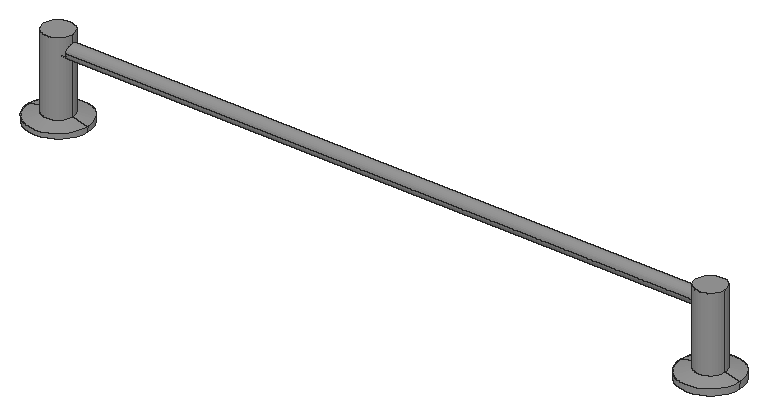
Revit family "MONAT Toallero barra BC7072400", category Generic Models, host Face, Revit 2014
Parameters
  MODELO = "MONAT"
  MARCA = "WASSER"
  EMPRESA = "CHC COMERCIAL HISPANO CHILENA"
  Default Elevation = 1219.2 mm
  DIMENSIONES = ""
  CÓDIGO = "BC7072400"
  ACCESORIO = "TOALLERO BARRA"
Reference planes
  plane 1 "Center (Front/Back)": y = 0
  plane 2: z = 0
  plane 3 "Center (Left/Right)": x = 0
  plane 4: z = 70
  plane 5: z = 5
  plane 6: x = 550
Forms (mm)
  Extrusion 1, solid, material "Steel, Galvanized"
    sketch origin (0, 0, 0) x (1, 0, 0) y (0, 1, 0)
      loop
        circle (0, 0) r 25
    from 0.929 to 5
  Blend 2, solid, material "Steel, Galvanized"
    base sketch origin (0, 0, 10) x (1, 0, 0) y (0, 1, 0)
      loop
        circle (0, 0) r 25
    top sketch origin (0, 0, 10) x (1, 0, 0) y (0, 1, 0)
      loop
        circle (0, 0) r 12
    from -5 to -2.05
  Extrusion 3, solid, material "Steel, Galvanized"
    sketch origin (0, 0, 0) x (1, 0, 0) y (0, 1, 0)
      loop
        circle (0, 0) r 12
    from 7.95 to 70
  Extrusion 4, solid, material "Steel, Galvanized"
    sketch origin (550, 0, 0) x (1, 0, 0) y (0, 1, 0)
      loop
        circle (0, 0) r 25
    from 0 to 5
  Blend 5, solid, material "Steel, Galvanized"
    base sketch origin (550, 0, 10) x (1, 0, 0) y (0, 1, 0)
      loop
        circle (0, 0) r 25
    top sketch origin (550, 0, 10) x (1, 0, 0) y (0, 1, 0)
      loop
        circle (0, 0) r 12
    from -5 to -2.05
  Extrusion 6, solid, material "Steel, Galvanized"
    sketch origin (550, 0, 0) x (1, 0, 0) y (0, 1, 0)
      loop
        circle (0, 0) r 12
    from 7.95 to 70
  Extrusion 7, solid, material "Steel, Galvanized"
    sketch origin (0, 0, 0) x (0, 1, 0) y (0, 0, 1)
      loop
        circle (0, 57.66) r 6
    from 0 to 543.823
Dimensions and locks
  aligned and locked: plane 2 to host face
  aligned and locked: level to host face
